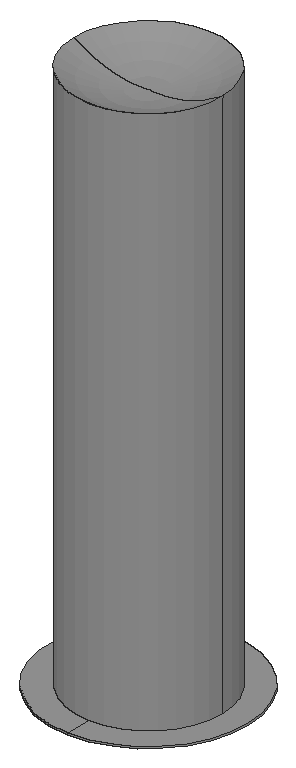
Revit family "Outdoor_Drinking_Fountain-Willoughby-WODF-1", category Plumbing Fixtures, host Face, Revit 2014
Parameters (values of type "Standard")
  Waste DIA = 1 1/4"
  Waste Connection = yes
  Vent Connection = no
  URL = "www.willoughby-ind"
  Revision = "A"
  Model = "CWBF-1"
  Manufacturer = "Willoughby Industries"
  LAV CW DIA = 3/8"
  HW Connection = no
  Fixture Body = Stainless Steel AISI 304-Willoughby
  Description = "Outdoor Bottle Filler"
  Default Elevation = 0' - 0"
  Contact = "800.428.4065"
  CW Connection = yes
Reference planes (in)
  plane 1 "Center (Front/Back)": y = 0
  plane 2: z = 0
  plane 3 "Center (Left/Right)": x = 0
  plane 4: y = 4.3125
  plane 5: y = -5.375
  plane 6 "bottom of Cap": z = 40
  plane 7: z = 12
  plane 8: y = 6.5
  plane 9: y = -7.25
Forms (in)
  Extrusion 1, solid, material "Stainless Steel AISI 304-Willoughby" <- "Fixture Body"
    sketch origin (0, 0, 0) x (1, 0, 0) y (0, 1, 0)
      loop
        circle (0, 0) r 5.375
    from 0 to 40
  Revolve 2, solid, material "Stainless Steel AISI 304-Willoughby" <- "Fixture Body"
    sketch origin (0, 0, 0) x (0, 1, 0) y (0, 0, 1)
      loop
        line (0, 0) -> (0, 0.121) -> (-7.25, 0.121) -> (-7.25, 0) -> (0, 0)
      axis (0, 0.121) -> (0, 0)
    angle from 0 to 360
  Revolve 3, solid, material "Stainless Steel AISI 304-Willoughby" <- "Fixture Body", detail levels medium+fine
    sketch origin (0, 0, 0) x (0, 1, 0) y (0, 0, 1)
      loop
        line (0, 12) -> (0, 15) -> (-0.625, 15) -> (-0.625, 12) -> (0, 12)
      axis (0, 15) -> (0, 12)
    angle from 0 to 360
  Revolve 4, solid, material "Stainless Steel AISI 304-Willoughby" <- "Fixture Body", detail levels medium+fine
    sketch origin (0, 0, 0) x (0, 1, 0) y (0, 0, 1)
      loop
        line (1.5, 12) -> (1.6875, 12) -> (1.6875, 15) -> (1.5, 15) -> (1.5, 12)
      axis (1.5, 12) -> (1.5, 15)
    angle from 0 to 360
  Revolve 5, void
    sketch origin (0, 0, 0) x (1, 0, 0) y (0, 0, 1)
      loop
        line (0, 40) -> (-5.375, 40)
        arc (-5.375, 40) -> (-2.80688, 38.82222) -> (0, 38.5) r 8.98672
        line (0, 38.5) -> (0, 40)
      axis (0, 40) -> (0, 38.5)
    angle from 0 to 360
Cuts and joins
  Revolve 5 cuts Extrusion 1
Lines and regions (in)
  symbolic lines
    curve 1: circle (0, 0, 36.5) r 7.25 normal (0, 0, 1)
    curve 4: line (-6.5, 0, 0) -> (6.5, 0, 0)
    curve 5: line (6.5, 0, 0) -> (6.5, 0, 0.121)
    curve 6: line (6.5, 0, 0.121) -> (-6.5, 0, 0.121)
    curve 7: line (-5.375, 0, 0.121) -> (-5.375, 0, 40)
    curve 8: line (-5.375, 0, 40) -> (5.375, 0, 40)
    curve 9: line (5.375, 0, 40) -> (5.375, 0, 0.121)
    curve 10: line (0, -7.25, 0) -> (0, 7.25, 0)
    curve 11: line (0, 7.25, 0) -> (0, 7.25, 0.121)
    curve 12: line (0, 7.25, 0.121) -> (0, -7.25, 0.121)
    curve 13: line (0, -7.25, 0.121) -> (0, -7.25, 0)
    curve 14: line (0, 5.375, 40) -> (0, -5.37872, 40)
    curve 15: line (0, -5.37872, 40) -> (0, -5.37872, 0.121)
    curve 16: line (0, 5.375, 40) -> (0, 5.375, 0.121)
  symbolic lines, detail levels medium+fine
    curve 2: circle (0, 0, 36.5) r 5.375 normal (0, 0, 1)
  symbolic lines, detail levels fine
    curve 3: circle (0, 0, 36.5) r 5.375 normal (0, 0, 1)
Dimensions and locks (in)
  plane 8 to plane 9 = 1' - 1 3/4"
  plane 4 to plane 5 = 0' - 9 11/16"
  plane 1 "Center (Front/Back)" to plane 9 = 0' - 7 1/4"
  plane 1 "Center (Front/Back)" to plane 5 = 0' - 5 3/8"
  level to plane 6 "bottom of Cap" = 3' - 4"
  aligned and locked: plane 2 to host face
  aligned and locked: level to host face
  aligned and locked: Revolve 3 sketch curve to Revolve 3 sketch curve  (x2)
  aligned and locked: Revolve 4 sketch curve to Revolve 4 sketch curve  (x2)
  aligned and locked: plane 6 "bottom of Cap" to Extrusion 1
Connectors (in)
  piping at (0, 0, 12), diameter 0.375, driven by "Waste Connection", driven by "LAV CW DIA"
    settings: on Revolve 3, index 1, connector inside diameter 24", connector length 0' - 0", flow factor 0, pipe flow 0 GPM, pressure drop 0.00 psi, fitting loss kfactor 0, connector angle 0.00°, fixture units 0, engagement length 0' - 0", angle of deflection 0.00°, flow configuration 0, flow direction 2, fitting loss method 0, system type 16, joint type 0, gender type 0, connector reference index -1, connector utility 1, adjustable connector no, is connector primary yes, connector description "Drain Waste"
  piping at (0, 1.5, 12), diameter 0.375, driven by "CW Connection"
    settings: on Revolve 4, index 2, connector inside diameter 24", connector length 0' - 0", flow factor 0, pipe flow 0 GPM, pressure drop 0.00 psi, fitting loss kfactor 0, connector angle 0.00°, fixture units 0, engagement length 0' - 0", angle of deflection 0.00°, flow configuration 0, flow direction 1, fitting loss method 0, system type 20, joint type 0, gender type 0, connector reference index -1, connector utility 1, adjustable connector no, is connector primary no, connector description "CW Inlet"
